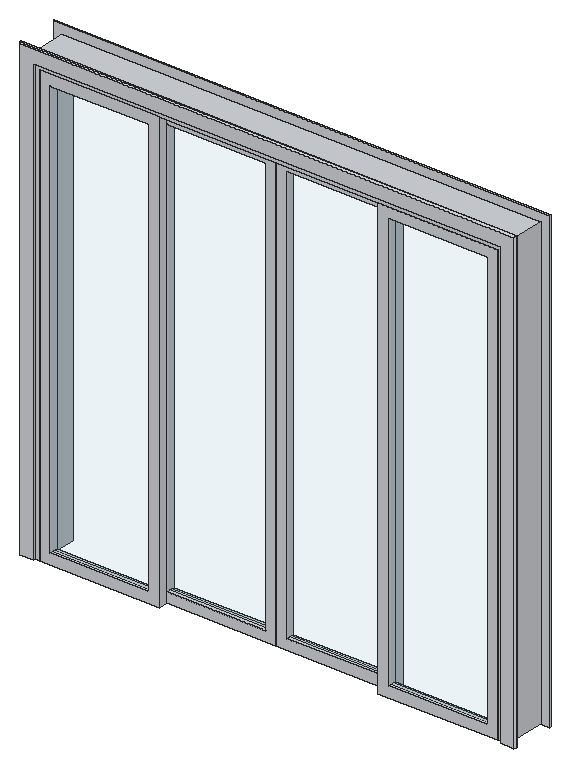
Revit family "Porta envidraçada de correr quádrupla com revestimento_2022", category Portas, Revit 2022
Family settings
  Hospedeiro = Parede
  Número OmniClass = 23.30.10.00
  Título OmniClass = Doors
  Sempre na vertical = Sim
  Corte com vazios quando carregada = Não
  Compartilhado = Não
  Ponto de cálculo do ambiente = Não
Parameters (values of type "2320 x 2180mm")
  Visual Light Transmittance = 0.9
  Resistência térmica (R) = 0.271106 (m²·K)/W
  Largura da apara = 70 mm
  Espessura da apara = 10 mm
  Material da apara = none
  Espessura = 0 mm
  Definir propriedades térmicas por = Tipo esquemático
  Solar Heat Gain Coefficient = 0.78
  Rough Width = Width  # 2320 mm
  Rough Height = Height  # 2180 mm
  Largura da moldura do painel = 50 mm
  Espessura da moldura do painel = 40 mm
  ID do tipo de construção = "GSP4R"
  Coeficiente de transferência de calor (U) = 3.6886 W/(m²·K)
  Largura do puxador = 40 mm
  Material do puxador = none
  Altura do puxador = 200 mm
  Vidro = none
  Função = Exterior
  Largura da estrutura = 50 mm
  Height = 2180 mm
  Fechamento da parede = Por hospedeiro
  Width = 2320 mm
  Material da moldura = none
  Construção analítica = "Vidraça única Pilkington 1/8 pol"
Types (4, lengths in mm): name | Rough Width | Width
  2320 x 2180mm | 2320 | 2320
  2720 x 2180mm | 2720 | 2720
  3120 x 2180mm | 3120 | 3120
  3520 x 2180mm | 3520 | 3520
Reference planes
  plane 1: y = 0
  plane 2 "Centro (Esquerda/Direita)": x = 0
  plane 3 "Esquerda": x = -1160
  plane 4 "Direita": x = 1160
  plane 5: z = 2180
  plane 6 "Exterior": y = 100
  plane 7 "Interior": y = -100
  plane 8: x = -1110
  plane 9: x = -1060
  plane 10: x = 1060
  plane 11: x = 1110
  plane 12: y = -60
  plane 13: z = 0
  plane 14: z = 2080
  plane 15: z = 50
  plane 16: z = 2130
  plane 17: z = 1065
  plane 18: x = 555
  plane 19: x = -555
  plane 20: y = -100
  plane 21: y = -55
  plane 22: y = -15
  plane 23: y = -80
  plane 24: y = -35
  plane 25: y = -28
  plane 26: y = -42
  plane 27: y = -73
  plane 28: y = -87
  plane 29: x = -580
  plane 30: x = -530
  plane 31: x = 580
  plane 32: x = 530
  plane 33: x = -50
  plane 34: x = 50
  plane 35: x = 290
  plane 36: x = -290
  plane 37: x = -25
  plane 38: x = 25
  plane 39: z = 1000
  plane 40: z = 800
  plane 41: x = 45
  plane 42: x = 5
  plane 43: x = -5
  plane 44: x = -45
  plane 45: z = 962
  plane 46: z = 838
  plane 47: x = 42
  plane 48: x = 8
  plane 49: x = -8
  plane 50: x = -42
  plane 51: z = 1065
  plane 52: x = 427.5
  plane 53: through (427.5, 300, 1065) normal (0.5, 0, 0.866)
  plane 54: through (427.5, 300, 1065) normal (-0.5, 0, 0.866)
  plane 55: x = 152.5
  plane 56: x = -427.5
  plane 57: through (-427.5, 300, 1065) normal (0.5, 0, -0.866)
  plane 58: through (-427.5, 300, 1065) normal (-0.5, 0, -0.866)
  plane 59: x = -152.5
Forms (mm)
  Sweep 1, solid, material <- "Material da moldura"
    path origin (0, 100, 0) x (1, 0, 0) y (0, 0, 1)
      loop
        line (1160, 0) -> (1160, 2180) -> (-1160, 2180) -> (-1160, 0)
    profile origin (1160, 100, 1090) x (-1, 0, 0) y (0, -1, 0)
      loop
        line (0, 0) -> (50, 0) -> (50, 200) -> (0, 200) -> (0, 0)
  Extrusion 2, solid, material <- "Vidro"
    sketch origin (0, 0, 0) x (-1, 0, 0) y (0, -1, 0)
      loop
        line (1060, 73) -> (1060, 87) -> (580, 87) -> (580, 73) -> (1060, 73)
      loop
        line (530, 28) -> (530, 42) -> (50, 42) -> (50, 28) -> (530, 28)
    from 50 to 2080
  Sweep 3, solid, material <- "Material da moldura"
    path origin (0, 100, 50) x (-1, 0, 0) y (0, 0, 1)
      loop
        line (1110, -50) -> (1110, 2080) -> (530, 2080) -> (530, -50) -> (1110, -50)
    profile origin (-1110, 100, 1065) x (-1, 0, 0) y (0, -1, 0)
      loop
        line (-50, 200) -> (-50, 160) -> (0, 160) -> (0, 200) -> (-50, 200)
  Sweep 4, solid, material <- "Material da moldura"
    path origin (0, 100, 0) x (1, 0, 0) y (0, 0, 1)
      loop
        line (0, 0) -> (580, 0) -> (580, 2130) -> (0, 2130) -> (0, 0)
    profile origin (0, 100, 1065) x (-1, 0, 0) y (0, -1, 0)
      loop
        line (-50, 115) -> (0, 115) -> (0, 155) -> (-50, 155) -> (-50, 115)
  Extrusion 5, solid, material <- "Vidro", detail levels fine
    sketch origin (0, 0, 0) x (1, 0, 0) y (0, 1, 0)
      loop
        line (1060, -73) -> (580, -73) -> (580, -87) -> (1060, -87) -> (1060, -73)
      loop
        line (530, -28) -> (50, -28) -> (50, -42) -> (530, -42) -> (530, -28)
    from 50 to 2080
  Sweep 6, solid, material <- "Material da moldura"
    path origin (0, 100, 50) x (1, 0, 0) y (0, 0, 1)
      loop
        line (1110, -50) -> (1110, 2080) -> (530, 2080) -> (530, -50) -> (1110, -50)
    profile origin (1110, 100, 1065) x (-1, 0, 0) y (0, -1, 0)
      loop
        line (50, 160) -> (50, 200) -> (0, 200) -> (0, 160) -> (50, 160)
  Extrusion 7, solid, material <- "Vidro", detail levels fine
    sketch origin (0, 190, 0) x (-1, 0, 0) y (0, -1, 0)
      loop
        line (1060, 263) -> (1060, 277) -> (580, 277) -> (580, 263) -> (1060, 263)
      loop
        line (530, 218) -> (530, 232) -> (50, 232) -> (50, 218) -> (530, 218)
    from 50 to 2080
  Extrusion 8, solid, material <- "Vidro"
    sketch origin (0, 190, 0) x (1, 0, 0) y (0, 1, 0)
      loop
        line (50, -218) -> (50, -232) -> (530, -232) -> (530, -218) -> (50, -218)
      loop
        line (580, -263) -> (580, -277) -> (1060, -277) -> (1060, -263) -> (580, -263)
    from 50 to 2080
  Sweep 9, solid, material <- "Material da moldura"
    path origin (0, 195, 0) x (-1, 0, 0) y (0, 0, 1)
      loop
        line (0, 0) -> (580, 0) -> (580, 2130) -> (0, 2130) -> (0, 0)
    profile origin (0, 195, 1065) x (-1, 0, 0) y (0, -1, 0)
      loop
        line (50, 210) -> (50, 250) -> (0, 250) -> (0, 210) -> (50, 210)
  Sweep 10, solid, material <- "Material da apara", detail levels fine
    path origin (0, -100, 0) x (1, 0, 0) y (0, 0, 1)
      loop
        line (1160, 0) -> (1160, 2180) -> (-1160, 2180) -> (-1160, 0)
    profile "Perfil da apara : Perfil da apara" origin (1160, -100, 1090) x (-1, 0, 0) y (0, -1, 0)
      loop
        line (-43, 0) -> (27, 0) -> (27, 10) -> (-37, 10) -> (-43, 4) -> (-43, 0)
  Sweep 11, solid, material <- "Material da apara", detail levels fine
    path origin (0, 100, 0) x (1, 0, 0) y (0, 0, 1)
      loop
        line (1160, 0) -> (1160, 2180) -> (-1160, 2180) -> (-1160, 0)
    profile "Perfil da apara : Perfil da apara" origin (1160, 100, 1090) x (-1, 0, 0) y (0, -1, 0)
      loop
        line (-43, 0) -> (-43, -4) -> (-37, -10) -> (27, -10) -> (27, 0) -> (-43, 0)
Lines and regions (mm)
  Opening 1
    outline origin (-3050, -100, 0) x (1, 0, 0) y (0, 0, 1)
      loop
        line (1890, 0) -> (4210, 0) -> (4210, 2180) -> (1890, 2180) -> (1890, 0)
  symbolic lines, style "Giro da elevação"
    curve 1: line (-580, 100, 2130) -> (0, 100, 0)
    curve 2: line (0, 100, 0) -> (580, 100, 2130)
    curve 3: line (580, 100, 0) -> (0, 100, 2130)
    curve 4: line (0, 100, 2130) -> (-580, 100, 0)
  model lines, style "DoorsGlassProjection", detail levels medium
    curve 5: line (1060, -80, 2080) -> (580, -80, 2080)
    curve 6: line (1060, -80, 50) -> (1060, -80, 2080)
    curve 7: line (580, -80, 50) -> (1060, -80, 50)
    curve 8: line (580, -80, 2080) -> (580, -80, 50)
    curve 9: line (-580, -80, 2080) -> (-1060, -80, 2080)
    curve 10: line (-580, -80, 50) -> (-580, -80, 2080)
    curve 11: line (-1060, -80, 50) -> (-580, -80, 50)
    curve 12: line (-1060, -80, 2080) -> (-1060, -80, 50)
    curve 13: line (530, -35, 2080) -> (50, -35, 2080)
    curve 14: line (530, -35, 50) -> (530, -35, 2080)
    curve 15: line (50, -35, 50) -> (530, -35, 50)
    curve 16: line (50, -35, 2080) -> (50, -35, 50)
    curve 17: line (-50, -35, 2080) -> (-530, -35, 2080)
    curve 18: line (-50, -35, 50) -> (-50, -35, 2080)
    curve 19: line (-530, -35, 50) -> (-50, -35, 50)
    curve 20: line (-530, -35, 2080) -> (-530, -35, 50)
  symbolic lines, style "Seta"
    curve 21: line (152.5, -35, 1065) -> (427.5, -35, 1065)
    curve 22: line (427.5, -35, 1065) -> (349.558, -35, 1110)
    curve 23: line (427.5, -35, 1065) -> (349.558, -35, 1020)
    curve 24: line (-152.5, -35, 1065) -> (-427.5, -35, 1065)
    curve 25: line (-427.5, -35, 1065) -> (-349.558, -35, 1110)
    curve 26: line (-427.5, -35, 1065) -> (-349.558, -35, 1020)
Text (mm)
  text "Externo" at (-2295.016, 1099.543, 0), in view "Nível de referência"
  text "Externo" at (0, 1615.38, 3698.081), in view "Esquerda"
  text "Externo" at (0, 1036.032, 3874.932), in view "Direita"
Dimensions and locks
  equal spacing: plane 3 "Esquerda", plane 2 "Centro (Esquerda/Direita)", plane 4 "Direita"
  "Width": plane 3 "Esquerda" to plane 4 "Direita"
  "Height": host wall to plane 5
  host wall to plane 5 = 2180 mm
  locked: plane 6 "Exterior" to host wall
  locked: plane 7 "Interior" to host wall
  "Largura da estrutura": plane 3 "Esquerda" to plane 8
  "Largura da estrutura": plane 11 to plane 4 "Direita"
  "Largura da moldura do painel": plane 8 to plane 9
  "Largura da moldura do painel": plane 10 to plane 11
  "Largura da estrutura": plane 16 to plane 5
  "Largura da moldura do painel": plane 14 to plane 16
  "Largura da estrutura": plane 13 to plane 15
  "Espessura da moldura do painel": plane 12 to plane 20
  "Espessura da moldura do painel": plane 22 to plane 21
  equal spacing: plane 12, plane 23, plane 20
  equal spacing: plane 22, plane 24, plane 21
  plane 25 to plane 24 to plane 26 = 7 mm locked, 7 mm locked
  plane 28 to plane 23 to plane 27 = 7 mm locked, 7 mm locked
  equal spacing: plane 32, plane 18, plane 31
  equal spacing: plane 29, plane 19, plane 30
  "Largura da moldura do painel": plane 29 to plane 30
  "Largura da moldura do painel": plane 32 to plane 31
  "Largura da moldura do painel": plane 33 to plane 2 "Centro (Esquerda/Direita)"
  "Largura da moldura do painel": plane 2 "Centro (Esquerda/Direita)" to plane 34
  equal spacing: plane 2 "Centro (Esquerda/Direita)", plane 18, plane 11
  equal spacing: plane 8, plane 19, plane 2 "Centro (Esquerda/Direita)"
  equal spacing: plane 15, plane 17, plane 14
  equal spacing: plane 31, plane 35, plane 2 "Centro (Esquerda/Direita)"
  equal spacing: plane 2 "Centro (Esquerda/Direita)", plane 36, plane 29
  equal spacing: plane 33, plane 37, plane 2 "Centro (Esquerda/Direita)"
  equal spacing: plane 2 "Centro (Esquerda/Direita)", plane 38, plane 34
  plane 40 to plane 39 = 200 mm
  "Altura do puxador": plane 40 to plane 39
  equal spacing: plane 42, plane 38, plane 41
  "Largura do puxador": plane 42 to plane 41
  equal spacing: plane 44, plane 37, plane 43
  "Largura do puxador": plane 44 to plane 43
  locked: plane 40 to plane 46 at 38
  locked: plane 45 to plane 39 at 38
  locked: plane 47 to plane 41 at 3
  locked: plane 42 to plane 48 at 3
  locked: plane 49 to plane 43 at 3
  locked: plane 44 to plane 50 at 3
  equal spacing: plane 14, plane 51, plane 15
  locked: plane 52 to plane 55 at 275
  equal spacing: plane 52, plane 35, plane 55
  locked: curve 22 to curve 23 at 90
  locked: curve 23 to curve 23 at 90
  locked: plane 56 to plane 59 at 275
  equal spacing: plane 56, plane 36, plane 59
  locked: curve 25 to curve 26 at 90
  locked: curve 26 to curve 26 at 90
  locked: plane 21 to plane 12 at 5
  locked: plane 51 to plane 53 (angle 30.00°)
  locked: plane 54 to plane 51 (angle 30.00°)
  locked: plane 57 to plane 17 (angle 30.00°)
  locked: plane 17 to plane 58 (angle 30.00°)
  aligned and locked: plane 3 "Esquerda" to Opening 1 sketch curve
  aligned and locked: plane 5 to Opening 1 sketch curve  (x2)
  aligned and locked: Opening 1 sketch curve to plane 4 "Direita"
  aligned and locked: Opening 1 sketch curve to level
  aligned and locked: plane 1 to host wall
  aligned and locked: level to plane 13
  aligned and locked: Sweep 1 sketch curve to plane 3 "Esquerda"
  aligned and locked: plane 5 to Sweep 1 sketch curve
  aligned and locked: plane 4 "Direita" to Sweep 1 sketch curve
  aligned and locked: Sweep 1 sketch curve to profile plane
  aligned and locked: Sweep 1 sketch curve to host wall
  aligned and locked: host wall to Sweep 1 sketch curve
  aligned and locked: Sweep 1 sketch curve to plane 11
  aligned and locked: Sweep 3 sketch curve to plane 8
  aligned and locked: plane 9 to Extrusion 2 sketch curve
  aligned and locked: Sweep 3 sketch curve to plane 13
  aligned and locked: plane 16 to Sweep 3 sketch curve
  aligned and locked: plane 20 to Sweep 3 sketch curve
  aligned and locked: Sweep 3 sketch curve to plane 9
  aligned and locked: Sweep 3 sketch curve to plane 12
  aligned and locked: profile plane to Sweep 3 sketch curve
  aligned and locked: Extrusion 2 sketch curve to plane 25
  aligned and locked: plane 26 to Extrusion 2 sketch curve
  aligned and locked: Extrusion 2 sketch curve to plane 27
  aligned and locked: plane 28 to Extrusion 2 sketch curve
  aligned and locked: Extrusion 2 sketch curve to plane 29
  aligned and locked: plane 30 to Sweep 3 sketch curve
  aligned and locked: plane 30 to Extrusion 2 sketch curve
  aligned and locked: Extrusion 2 sketch curve to plane 33
  aligned and locked: plane 25 to Extrusion 5 sketch curve
  aligned and locked: Extrusion 5 sketch curve to plane 34
  aligned and locked: Extrusion 5 sketch curve to plane 26
  aligned and locked: plane 32 to Extrusion 5 sketch curve
  aligned and locked: Extrusion 5 sketch curve to plane 31
  aligned and locked: plane 10 to Extrusion 5 sketch curve
  aligned and locked: plane 27 to Extrusion 5 sketch curve
  aligned and locked: plane 28 to Extrusion 5 sketch curve
  aligned and locked: plane 14 to Extrusion 5
  aligned and locked: Extrusion 5 to plane 14  (x4)
  aligned and locked: Extrusion 5 to plane 15
  aligned and locked: plane 16 to curve 1
  aligned and locked: plane 29 to curve 1
  aligned and locked: plane 16 to curve 4
  aligned and locked: plane 16 to curve 2
  aligned and locked: plane 2 "Centro (Esquerda/Direita)" to curve 4
  aligned and locked: plane 31 to curve 2
  aligned and locked: plane 13 to curve 4
  aligned and locked: plane 29 to curve 4
  aligned and locked: plane 2 "Centro (Esquerda/Direita)" to curve 2
  aligned and locked: plane 13 to curve 2
  aligned and locked: plane 31 to curve 3
  aligned and locked: plane 13 to curve 3
  aligned and locked: Sweep 4 sketch curve to plane 2 "Centro (Esquerda/Direita)"
  aligned and locked: plane 34 to Sweep 4 sketch curve
  aligned and locked: plane 22 to Sweep 4 sketch curve
  aligned and locked: Sweep 4 sketch curve to plane 21
  aligned and locked: Sweep 6 sketch curve to plane 20
  aligned and locked: plane 12 to Sweep 6 sketch curve
  aligned and locked: plane 10 to Sweep 6 sketch curve
  aligned and locked: Sweep 6 sketch curve to plane 11
  aligned and locked: curve 6 to plane 10
  aligned and locked: plane 31 to curve 8
  aligned and locked: curve 10 to plane 29
  aligned and locked: plane 9 to curve 12
  aligned and locked: curve 9 to plane 14
  aligned and locked: curve 5 to plane 14
  aligned and locked: plane 15 to curve 11
  aligned and locked: plane 15 to curve 7
  aligned and locked: plane 30 to curve 20
  aligned and locked: curve 18 to plane 33
  aligned and locked: plane 34 to curve 16
  aligned and locked: curve 14 to plane 32
  aligned and locked: curve 13 to plane 14
  aligned and locked: curve 17 to plane 14
  aligned and locked: plane 15 to curve 15
  aligned and locked: plane 15 to curve 19
  aligned and locked: Extrusion 7 sketch curve to Extrusion 2  (x8)
  aligned and locked: Extrusion 8 sketch curve to Extrusion 5  (x8)
  aligned and locked: plane 14 to Extrusion 7
  aligned and locked: plane 14 to Extrusion 8
  aligned and locked: Extrusion 7 to plane 15
  aligned and locked: Extrusion 8 to plane 15
  aligned and locked: plane 14 to Extrusion 2
  aligned and locked: Extrusion 2 to plane 15
  aligned and locked: plane 15 to Extrusion 5  (x2)
  aligned and locked: plane 37 to nested 1
  aligned and locked: plane 38 to nested 2
  aligned and locked: nested 1 to plane 22
  aligned and locked: nested 2 to plane 22
  aligned and locked: Sweep 9 sketch curve to plane 16
  aligned and locked: plane 29 to Sweep 9 sketch curve
  aligned and locked: Sweep 9 sketch curve to plane 2 "Centro (Esquerda/Direita)"  (x2)
  aligned and locked: plane 13 to Sweep 9 sketch curve
  aligned and locked: plane 21 to Sweep 9 sketch curve
  aligned and locked: plane 33 to Sweep 9 sketch curve
  aligned and locked: Sweep 9 sketch curve to plane 22
  aligned and locked: Sweep 6 to plane 14
  aligned and locked: Sweep 9 to plane 14
  aligned and locked: Sweep 3 to plane 14
  aligned and locked: curve 22 to plane 53
  aligned and locked: curve 23 to plane 54
  aligned and locked: curve 25 to plane 57
  aligned and locked: curve 26 to plane 58
  aligned and locked: plane 20 to plane 7 "Interior"
  aligned and locked: Sweep 10 sketch curve to plane 4 "Direita"
  aligned and locked: Sweep 10 sketch curve to plane 5
  aligned and locked: plane 3 "Esquerda" to Sweep 10 sketch curve
  aligned and locked: plane 13 to Sweep 10 sketch curve
  aligned and locked: Sweep 10 sketch curve to plane 13
  aligned and locked: plane 4 "Direita" to Sweep 11 sketch curve
  aligned and locked: plane 5 to Sweep 11 sketch curve
  aligned and locked: Sweep 11 sketch curve to plane 3 "Esquerda"
  aligned and locked: plane 13 to Sweep 11 sketch curve  (x2)
Automatic sketch dimensions
  Sweep 1 sketch curve to level = 0 mm  (x2)
  Sweep 4 sketch curve to plane 2 "Centro (Esquerda/Direita)" = 0 mm
  Sweep 4 sketch curve to level = 0 mm
  Sweep 4 sketch curve to plane 31 = 0 mm
  Sweep 4 sketch curve to plane 16 = 0 mm
  Sweep 6 sketch curve to level = 0 mm
  Sweep 6 sketch curve to plane 32 = 0 mm
  Sweep 6 sketch curve to plane 11 = 0 mm
  Sweep 6 sketch curve to plane 16 = 0 mm
  curve 21 to plane 55 = 0 mm
  curve 24 to plane 59 = 0 mm
Nested families
  nested 1: "Maçaneta da porta 3" at (-25, -15, 900), type "Maçaneta da porta 3", detail levels fine
  nested 2: "Maçaneta da porta 3" at (25, -15, 900), type "Maçaneta da porta 3", detail levels fine
Definition of nested family "Maçaneta da porta 3"
  Parameters
    Width = 40 mm
    Thickness = 3 mm
    Rough Width = Width  # 40 mm
    Rough Height = Height  # 200 mm
    Height = 200 mm
    Material do puxador = none
  Reference planes
    plane 1 "Centro (Frente/Trás)": y = 0
    plane 2: z = 0
    plane 3 "Centro (Esquerda/Direita)": x = 0
    plane 4: x = -20
    plane 5: x = 20
    plane 6: y = 3
    plane 7: z = 100
    plane 8: z = -100
    plane 9: y = -10
    plane 10: x = 15
    plane 11: x = -15
    plane 12: z = 60
    plane 13: z = -60
    plane 14: z = 85
    plane 15: z = -85
    plane 16: z = 62
    plane 17: x = 17
    plane 18: x = -17
    plane 19: z = -62
    plane 20: y = -8
    plane 21: y = -15
  Forms (mm)
    Extrusion 1, solid, material <- "Material do puxador"
      sketch origin (0, 0, 0) x (1, 0, 0) y (0, 0, 1)
        loop
          line (10, 100) -> (-10, 100)
          arc (-10, 100) -> (-17.071, 97.071) -> (-20, 90) r 10
          line (-20, 90) -> (-20, -90)
          arc (-20, -90) -> (-17.071, -97.071) -> (-10, -100) r 10
          line (-10, -100) -> (10, -100)
          arc (10, -100) -> (17.071, -97.071) -> (20, -90) r 10
          line (20, -90) -> (20, 90)
          arc (20, 90) -> (17.071, 97.071) -> (10, 100) r 10
        loop
          line (10, 60) -> (-10, 60)
          arc (-10, 60) -> (-13.536, 58.536) -> (-15, 55) r 5
          line (-15, 55) -> (-15, -55)
          arc (-15, -55) -> (-13.536, -58.536) -> (-10, -60) r 5
          line (-10, -60) -> (10, -60)
          arc (10, -60) -> (13.536, -58.536) -> (15, -55) r 5
          line (15, -55) -> (15, 55)
          arc (15, 55) -> (13.536, 58.536) -> (10, 60) r 5
        loop
          circle (0, 85) r 5
        loop
          circle (0, -85) r 5
      from -3 to 0
    Extrusion 2, solid, material <- "Material do puxador"
      sketch origin (0, 0, 0) x (1, 0, 0) y (0, 0, 1)
        loop
          arc (-10, 60) -> (-13.536, 58.536) -> (-15, 55) r 5
          line (-15, 55) -> (-15, -55)
          arc (-15, -55) -> (-13.536, -58.536) -> (-10, -60) r 5
          line (-10, -60) -> (10, -60)
          arc (10, -60) -> (13.536, -58.536) -> (15, -55) r 5
          line (15, -55) -> (15, 55)
          arc (15, 55) -> (13.536, 58.536) -> (10, 60) r 5
          line (10, 60) -> (-10, 60)
        loop
          arc (-10, 62) -> (-14.95, 59.95) -> (-17, 55) r 7
          line (-17, 55) -> (-17, -55)
          arc (-17, -55) -> (-14.95, -59.95) -> (-10, -62) r 7
          line (-10, -62) -> (10, -62)
          arc (10, -62) -> (14.95, -59.95) -> (17, -55) r 7
          line (17, -55) -> (17, 55)
          arc (17, 55) -> (14.95, 59.95) -> (10, 62) r 7
          line (10, 62) -> (-10, 62)
      from 0 to 10
    Extrusion 3, solid, material <- "Material do puxador"
      sketch origin (0, 0, 0) x (1, 0, 0) y (0, 0, 1)
        loop
          arc (-10, 60) -> (-13.536, 58.536) -> (-15, 55) r 5
          line (-15, 55) -> (-15, -55)
          arc (-15, -55) -> (-13.536, -58.536) -> (-10, -60) r 5
          line (-10, -60) -> (10, -60)
          arc (10, -60) -> (13.536, -58.536) -> (15, -55) r 5
          line (15, -55) -> (15, 55)
          arc (15, 55) -> (13.536, 58.536) -> (10, 60) r 5
          line (10, 60) -> (-10, 60)
      from 8 to 10
    Extrusion 4, void
      sketch origin (0, 0, 0) x (1, 0, 0) y (0, 0, 1)
        loop
          line (-17, 62) -> (-17, -62) -> (17, -62) -> (17, 62) -> (-17, 62)
      from 0 to 15
  Cuts and joins
    Extrusion 4 cuts Extrusion 1
    Extrusion 4 cuts Extrusion 2
    Extrusion 4 cuts Extrusion 3
    joined: Extrusion 1, Extrusion 2, Extrusion 3
  Dimensions and locks
    equal spacing: plane 4, plane 3 "Centro (Esquerda/Direita)", plane 5
    "Thickness": plane 6 to plane 1 "Centro (Frente/Trás)"
    "Width": plane 4 to plane 5
    equal spacing: plane 7, plane 2, plane 8
    "Height": plane 7 to plane 8
    locked: plane 10 to plane 5 at 5
    locked: plane 4 to plane 11 at 5
    locked: plane 8 to plane 13 at 40
    locked: plane 12 to plane 7 at 40
    locked: plane 14 to plane 7 at 15
    locked: plane 8 to plane 15 at 15
    locked: plane 9 to cut or joined group of Extrusion 1, Extrusion 2, Extrusion 3, Extrusion 4 at 10
    locked: plane 18 to plane 11 at 2
    locked: plane 19 to plane 13 at 2
    locked: plane 12 to plane 16 at 2
    locked: plane 10 to plane 17 at 2
    locked: plane 20 to plane 9 at 2
    locked: plane 9 to plane 21 at 5
    radius of Extrusion 1 sketch curve = 10 mm  (x4)
    radius of Extrusion 1 sketch curve = 5 mm  (x6)
    radius of Extrusion 2 sketch curve = 7 mm  (x4)
    aligned and locked: level to plane 2
    aligned and locked: plane 7 to Extrusion 1 sketch curve
    aligned and locked: plane 5 to Extrusion 1 sketch curve
    aligned and locked: Extrusion 1 sketch curve to plane 8
    aligned and locked: Extrusion 1 sketch curve to plane 4
    aligned and locked: plane 12 to Extrusion 1 sketch curve
    aligned and locked: Extrusion 1 sketch curve to plane 10
    aligned and locked: Extrusion 1 sketch curve to plane 13
    aligned and locked: plane 11 to Extrusion 1 sketch curve
    aligned and locked: plane 6 to Extrusion 1
    aligned and locked: plane 1 "Centro (Frente/Trás)" to Extrusion 1
    aligned and locked: plane 14 to Extrusion 1 sketch curve
    aligned and locked: plane 3 "Centro (Esquerda/Direita)" to Extrusion 1 sketch curve  (x2)
    aligned and locked: plane 15 to Extrusion 1 sketch curve
    aligned and locked: Extrusion 2 sketch curve to Extrusion 1  (x4)
    aligned and locked: Extrusion 2 to plane 1 "Centro (Frente/Trás)"
    aligned and locked: Extrusion 2 to plane 9
    aligned and locked: plane 16 to Extrusion 2 sketch curve
    aligned and locked: Extrusion 2 sketch curve to plane 17
    aligned and locked: plane 19 to Extrusion 2 sketch curve
    aligned and locked: Extrusion 2 sketch curve to plane 18
    aligned and locked: Extrusion 3 sketch curve to cut or joined group of Extrusion 1, Extrusion 2, Extrusion 3, Extrusion 4  (x4)
    aligned and locked: plane 20 to Extrusion 3
    aligned and locked: Extrusion 3 to plane 9
    aligned and locked: Extrusion 4 sketch curve to plane 16
    aligned and locked: plane 18 to Extrusion 4 sketch curve
    aligned and locked: Extrusion 4 sketch curve to plane 19
    aligned and locked: plane 17 to Extrusion 4 sketch curve
    aligned and locked: Extrusion 4 to plane 1 "Centro (Frente/Trás)"
    aligned and locked: Extrusion 4 to plane 21
  Automatic sketch dimensions
    Extrusion 1 sketch curve to plane 4 = 0 mm
    Extrusion 1 sketch curve to plane 5 = 0 mm
